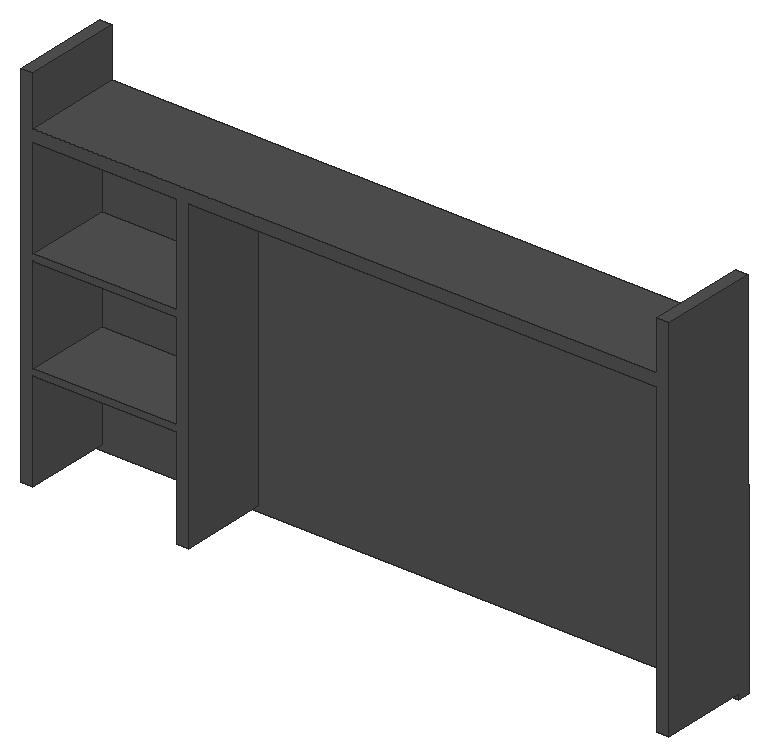
Revit family
Parameters
  Width = 1050 mm
  Shelve Thicknes = Panel Thicknes / 2  # 10 mm
  Panel Thicknes = 20 mm
  Overlap = 8 mm
  Leg Height = Height - Panel Thicknes  # 580 mm
  Height = 600 mm
  Frame Material = Paint - Black
  Drawer Panel = Paint - Cool White
  Depth = 160 mm
Reference planes
  plane 1 "Centre (Front/Back)": y = 0
  plane 2: z = 0
  plane 3 "Centre (Left/Right)": x = 0
  plane 4 "Left": x = -525
  plane 5 "Right": x = 525
  plane 6 "Back": y = 80
  plane 7 "Front": y = -80
  plane 8: z = 600
  plane 9: z = -8
  plane 10: x = -262.5
  plane 11: z = 333.333
  plane 12: z = 166.667
  plane 13: z = 500
Forms (mm)
  Extrusion 1, solid, material "Paint - Black" <- "Frame Material"
    sketch origin (0, 80, 0) x (-1, 0, 0) y (0, 0, 1)
      loop
        line (505, 600) -> (505, 520) -> (-505, 520) -> (-505, 600) -> (-525, 600) -> (-525, 0) -> (-505, 0) -> (-505, 500) -> (252.5, 500) -> (252.5, 0) -> (272.5, 0) -> (272.5, 161.667) -> (505, 161.667) -> (505, 0) -> (525, 0) -> (525, 600) -> (505, 600)
      loop
        line (505, 500) -> (272.5, 500) -> (272.5, 338.333) -> (505, 338.333) -> (505, 500)
      loop
        line (272.5, 328.333) -> (272.5, 171.667) -> (505, 171.667) -> (505, 328.333) -> (272.5, 328.333)
    from -160 to 0
  Extrusion 2, solid, material "Paint - Black" <- "Frame Material"
    sketch origin (0, 0, 0) x (0, 1, 0) y (0, 0, 1)
      loop
        line (60, 520) -> (60, -8) -> (80, -8) -> (80, 520) -> (60, 520)
    from -525 to 525
Cuts and joins
  joined: Extrusion 1, Extrusion 2
Lines and regions (mm)
  Split face 1
    outline origin (525, 60, 520) x (-1, 0, 0) y (0, 0, -1)
      loop
        line (1030, 520) -> (797.5, 520)
  Split face 2
    outline origin (525, 60, 520) x (-1, 0, 0) y (0, 0, -1)
      loop
        line (777.5, 520) -> (20, 520)
Dimensions and locks
  "Width": plane 4 "Left" to plane 5 "Right"
  equal spacing: plane 4 "Left", plane 3 "Centre (Left/Right)", plane 5 "Right"
  "Depth": plane 6 "Back" to plane 7 "Front"
  equal spacing: plane 7 "Front", plane 1 "Centre (Front/Back)", plane 6 "Back"
  "Height": plane 8 to plane 2
  "Overlap": plane 2 to plane 9
  "Panel Thicknes": Extrusion 1 sketch curve to plane 4 "Left"
  "Panel Thicknes": plane 5 "Right" to Extrusion 1 sketch curve
  equal spacing: plane 4 "Left", plane 10, plane 3 "Centre (Left/Right)"
  "Panel Thicknes": Extrusion 2 sketch curve to plane 6 "Back"
  locked: plane 8 to Extrusion 2 sketch curve at 80
  "Panel Thicknes": Extrusion 1 sketch curve to Extrusion 1 sketch curve
  equal spacing: Extrusion 1 sketch curve, plane 10, Extrusion 1 sketch curve
  locked: plane 8 to plane 13 at 100
  equal spacing: plane 13, plane 11, plane 12, plane 2
  "Shelve Thicknes": Extrusion 1 sketch curve to Extrusion 1 sketch curve  (x2)
  equal spacing: Extrusion 1 sketch curve, plane 11, Extrusion 1 sketch curve
  equal spacing: Extrusion 1 sketch curve, plane 12, Extrusion 1 sketch curve
  aligned and locked: Extrusion 1 sketch curve to plane 5 "Right"
  aligned and locked: Extrusion 1 sketch curve to plane 8
  aligned and locked: plane 2 to Extrusion 1 sketch curve  (x2)
  aligned and locked: plane 8 to Extrusion 1 sketch curve
  aligned and locked: Extrusion 1 sketch curve to plane 4 "Left"
  aligned and locked: Extrusion 1 sketch curve to plane 2
  aligned and locked: plane 7 "Front" to Extrusion 1
  aligned and locked: plane 6 "Back" to Extrusion 1
  aligned and locked: plane 9 to Extrusion 2 sketch curve
  aligned and locked: Extrusion 2 sketch curve to plane 6 "Back"
  aligned and locked: Extrusion 2 to plane 4 "Left"
  aligned and locked: plane 5 "Right" to Extrusion 2
  aligned and locked: Extrusion 1 to Extrusion 2
Automatic sketch dimensions
  Extrusion 1 sketch curve to plane 13 = 0 mm  (x2)
  Extrusion 1 sketch curve to plane 5 "Right" = 20 mm
  Extrusion 1 sketch curve to plane 10 = 10 mm  (x2)
  Extrusion 1 sketch curve to Extrusion 1 sketch curve = 0 mm  (x2)
  plane 4 "Left" to Extrusion 1 sketch curve = 20 mm
  Extrusion 1 sketch curve to Extrusion 1 sketch curve = 20 mm
  Split face 1 sketch curve to cut or joined group of Extrusion 1, Extrusion 2 = 0 mm  (x2)
  cut or joined group of Extrusion 1, Extrusion 2 to Split face 1 sketch curve = 0 mm
  Split face 2 sketch curve to cut or joined group of Extrusion 1, Extrusion 2 = 0 mm  (x2)
  cut or joined group of Extrusion 1, Extrusion 2 to Split face 2 sketch curve = 0 mm
